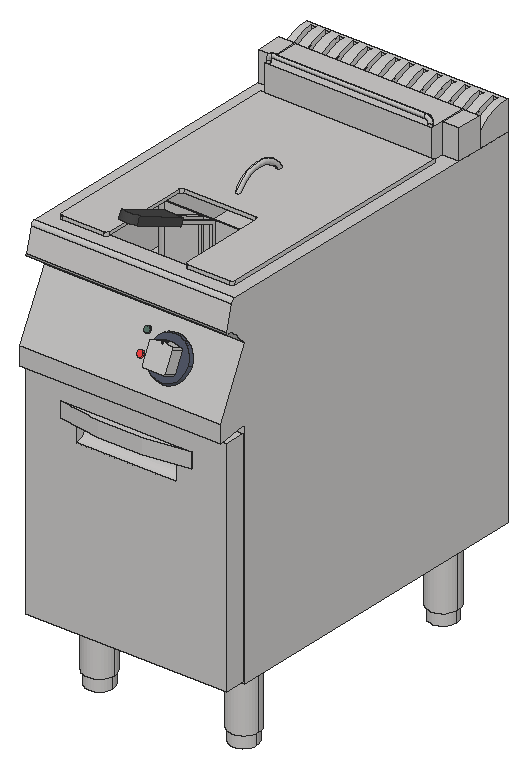
Revit family "QF_ZANUSSI_372084_Z7FRED1FF0", category Specialty Equipment, Revit 2018
Family settings
  Round Connector Dimension = Use Diameter
  Part Type = Normal
  Work Plane-Based = No
  Always vertical = Yes
  Cut with Voids When Loaded = No
  Shared = No
  Room Calculation Point = No
Parameters
  Width = 400 mm  # constant formula
  Weight in Pounds = 77  # constant formula
  Weight = 0.00 kg
  Watts = 8700 W  # constant formula
  Volts = 400 V  # constant formula
  URL Manufacturer = "http://www.zanussiprofessional.com"
  URL Cutsheet = "www.electrolux.com/foodservice"
  URL = "http://www.zanussiprofessional.com"
  Type Mark [instance] = ""
  Steam Supply Size = 0"
  Steam Supply Minimum Pressure = 0.00 psi
  Steam Supply Maximum Pressure = 0.00 psi
  Steam Pounds per Hour = 0
  Status [instance] = ""
  Specification by User [instance] = ""
  Specification by Manufacturer = ""
  Show Logo [instance] = yes
  Show Clearance [instance] = yes
  Serial Number = ""
  Seismic Rating = ""
  SMACNA No = ""
  Revision Code [instance] = ""
  Refrigeration Suction Line Size = 0"
  Refrigeration Liquid Line Size = 0"
  Refrigerant Compressor Remote = yes
  Phase = 3  # constant formula
  Omniclass Number and Title = ""
  Number of Poles [instance] = 1
  NAFEM Spec ID Number = ""
  Model = "Z7FRED1FF0"
  Min Ckt Ampacity = 0 A
  Max Overcurrent Protection = 0 A
  Masterspec = ""
  Manufacturer = "Zanussi"
  Length Actual = 400 mm  # constant formula
  Item Number [instance] = "372084"
  Installed By [instance] = ""
  Identify Quantity as Lot [instance] = yes
  Hot Water Size = 0"
  Height Actual = 850 mm  # constant formula
  Height = 333 mm  # constant formula
  HP = "11.7 HP"
  Gas Size = 0"
  Gas KW = 0
  Gas Input = 0.0 Btu/h
  Furnished By [instance] = ""
  Foodservice Equipment Identifier [instance] = yes
  FL Amps = if(Phase = 3, Watts / (Volts * 1.73), Watts / Volts)  # 12.5723 A
  Electrical Remarks [instance] = "400 V/3N ph/50/60 Hz"  # constant formula
  Electric Connection Type [instance] = ""
  Elec Conn RI Height [instance] = 0 mm
  Elec Conn Connection Height [instance] = 0 mm
  Direct Waste Size = 0"
  Description = "14 LITRE ELECTRIC FRYER 400 MM"
  Depth Actual = 700 mm  # constant formula
  Depth = 715 mm  # constant formula
  Cycle = if([60 Hertz Option], 60 Hz, 50 Hz)  # 60 Hz
  Conn Plug = ""
  Conn Conduit = yes
  Condensate Return Size = 0"
  Compressed Air Volume = 0 GPM
  Compressed Air Size = 0"
  Compressed Air Pressure = 0.00 psi
  Cold Water Size = 0"
  CSI MasterFormat = ""
  CSI Master Format = ""
  Base Height [instance] = 150 mm  # constant formula
  Apparent Power = if(Phase = 3, Volts * FL Amps * 1.73, Volts * FL Amps)  # 8700 VA
  Accessory = yes
  60 Hertz Option = not([50 Hertz Option])  # yes
  50 Hertz Option = no
Reference planes
  plane 1 "BACK": y = 0
  plane 2: z = 0
  plane 3 "LEFT": x = 0
  plane 4 "RIGHT": x = 400
  plane 5 "FRONT": y = -715
  plane 6 "TOP": z = 908
  plane 7 "Center Y": x = 200
  plane 8 "Center X": y = -357.5
  plane 9 "BASE": z = 600
  plane 10 "TOP A": z = 850
  plane 11: y = -587.387
  plane 12: y = -90
  plane 13: z = 150
  plane 14: z = 922.238
Forms (mm)
  Extrusion 1, solid, material "QF_Finishes_Stainless Steel"
    sketch origin (0, 0, 0) x (0, 1, 0) y (0, 0, 1)
      loop
        line (0, 850) -> (-679.358, 850)
        arc (-679.358, 850) -> (-684.643, 847.811) -> (-686.833, 842.526) r 7.474
        line (-686.833, 842.526) -> (-699.884, 797.011)
        arc (-699.884, 797.011) -> (-699.396, 794.379) -> (-697, 793.184) r 3
        line (-697, 793.184) -> (-686.802, 793.184) -> (-654.982, 760.364) -> (-715, 639.508) -> (-715, 604.508) -> (-658.645, 612.428)
        arc (-658.645, 612.428) -> (-656.101, 611.674) -> (-655, 609.259) r 3.2
        line (-655, 609.259) -> (-655, 150) -> (0, 150) -> (0, 850)
      loop
        line (-700, 599) -> (-700, 155) -> (-660, 155) -> (-660, 599) -> (-700, 599)
    from 0 to 400
  Extrusion 2, solid, material "QF_Finishes_Stainless Steel"
    sketch origin (0, 0, 0) x (0, 1, 0) y (0, 0, 1)
      loop
        line (0, 850) -> (0, 908)
        arc (0, 908) -> (-38.715, 899.821) -> (-69.85, 875.4) r 87.358
        line (-69.85, 875.4) -> (-69.85, 850) -> (0, 850)
    from 0 to 400
  Extrusion 3, void
    sketch origin (0, 0, 850) x (-1, 0, 0) y (0, -1, 0)
      loop
        line (-33.338, 90.124) -> (-33.338, 645.265) -> (-366.662, 645.265) -> (-366.662, 90.124) -> (-33.338, 90.124)
    from 0 to -152.4
  Extrusion 4, solid, material "QF_Finishes_Stainless Steel"
    sketch origin (0, 0, 850) x (-1, 0, 0) y (0, -1, 0)
      loop
        arc (-26.988, 645.265) -> (-28.847, 649.755) -> (-33.338, 651.615) r 6.35
        line (-33.338, 651.615) -> (-115.863, 651.615)
        arc (-115.863, 651.615) -> (-120.353, 649.755) -> (-122.213, 645.265) r 6.35
        line (-122.213, 645.265) -> (-122.213, 473.512)
        arc (-122.213, 473.512) -> (-124.072, 469.021) -> (-128.563, 467.162) r 6.35
        line (-128.563, 467.162) -> (-271.437, 467.162)
        arc (-271.437, 467.162) -> (-275.928, 469.021) -> (-277.787, 473.512) r 6.35
        line (-277.787, 473.512) -> (-277.787, 645.29)
        arc (-277.787, 645.29) -> (-279.64, 649.762) -> (-284.113, 651.615) r 6.325
        line (-284.113, 651.615) -> (-366.663, 651.615)
        arc (-366.663, 651.615) -> (-371.153, 649.755) -> (-373.013, 645.265) r 6.35
        line (-373.013, 645.265) -> (-373.013, 147.762) -> (-26.988, 147.762) -> (-26.988, 645.265)
    from 0 to 6.35
  Sweep 5, solid, material "QF_Finishes_Stainless Steel"
    path origin (200, 0, 0) x (0, 1, 0) y (0, 0, 1)
      loop
        arc (-315.761, 850) -> (-370.2, 883.779) -> (-424.639, 850) r 60.757
    profile origin (200, -370.2, 883.779) x (0, 0, -1) y (1, 0, 0)
      loop
        circle (0, 0) r 4.353
  Sweep 6, solid, material "QF_Finishes_Stainless Steel"
    path origin (0, 0, 0) x (1, 0, 0) y (0, 0, 1)
      loop
        line (39.688, 908.738) -> (39.688, 914.35)
        arc (39.688, 914.35) -> (41.547, 918.84) -> (46.038, 920.7) r 6.35
        line (46.038, 920.7) -> (352.225, 920.7)
        arc (352.225, 920.7) -> (356.715, 918.84) -> (358.575, 914.35) r 6.35
        line (358.575, 914.35) -> (358.575, 908.738)
    profile origin (39.688, 0, 911.544) x (-1, 0, 0) y (0, -1, 0)
      loop
        circle (2.09, 142.004) r 3.827
  Extrusion 7, void
    sketch origin (0, 0, 850) x (-1, 0, 0) y (0, -1, 0)
      loop
        line (-13.453, 6.761) -> (-13.453, 63.911) -> (-22.749, 63.911) -> (-22.749, 6.761) -> (-13.453, 6.761)
    from 25.4 to 63.5
  Extrusion 8, void
    sketch origin (400.05, 0, 850) x (1, 0, 0) y (0, 1, 0)
      loop
        line (-13.503, -6.761) -> (-22.799, -6.761) -> (-22.799, -63.911) -> (-13.503, -63.911) -> (-13.503, -6.761)
    from 25.4 to 63.5
  Extrusion 9, void
    sketch origin (27.988, 0, 850) x (-1, 0, 0) y (0, -1, 0)
      loop
        line (-13.453, 6.761) -> (-13.453, 63.911) -> (-22.749, 63.911) -> (-22.749, 6.761) -> (-13.453, 6.761)
    from 25.4 to 63.5
  Extrusion 10, void
    sketch origin (55.977, 0, 850) x (-1, 0, 0) y (0, -1, 0)
      loop
        line (-13.453, 6.761) -> (-13.453, 63.911) -> (-22.749, 63.911) -> (-22.749, 6.761) -> (-13.453, 6.761)
    from 25.4 to 63.5
  Extrusion 11, void
    sketch origin (83.965, 0, 850) x (-1, 0, 0) y (0, -1, 0)
      loop
        line (-13.428, 6.761) -> (-13.428, 63.911) -> (-22.724, 63.911) -> (-22.724, 6.761) -> (-13.428, 6.761)
    from 25.4 to 63.5
  Extrusion 12, void
    sketch origin (111.953, 0, 850) x (-1, 0, 0) y (0, -1, 0)
      loop
        line (-13.428, 6.761) -> (-13.428, 63.911) -> (-22.724, 63.911) -> (-22.724, 6.761) -> (-13.428, 6.761)
    from 25.4 to 63.5
  Extrusion 13, void
    sketch origin (139.942, 0, 850) x (-1, 0, 0) y (0, -1, 0)
      loop
        line (-13.428, 6.761) -> (-13.428, 63.911) -> (-22.724, 63.911) -> (-22.724, 6.761) -> (-13.428, 6.761)
    from 25.4 to 63.5
  Extrusion 14, void
    sketch origin (167.93, 0, 850) x (-1, 0, 0) y (0, -1, 0)
      loop
        line (-13.428, 6.761) -> (-13.428, 63.911) -> (-22.724, 63.911) -> (-22.724, 6.761) -> (-13.428, 6.761)
    from 25.4 to 63.5
  Extrusion 15, void
    sketch origin (195.918, 0, 850) x (-1, 0, 0) y (0, -1, 0)
      loop
        line (-13.428, 6.761) -> (-13.428, 63.911) -> (-22.724, 63.911) -> (-22.724, 6.761) -> (-13.428, 6.761)
    from 25.4 to 63.5
  Extrusion 16, void
    sketch origin (223.907, 0, 850) x (-1, 0, 0) y (0, -1, 0)
      loop
        line (-13.428, 6.761) -> (-13.428, 63.911) -> (-22.724, 63.911) -> (-22.724, 6.761) -> (-13.428, 6.761)
    from 25.4 to 63.5
  Extrusion 17, void
    sketch origin (251.895, 0, 850) x (-1, 0, 0) y (0, -1, 0)
      loop
        line (-13.428, 6.761) -> (-13.428, 63.911) -> (-22.724, 63.911) -> (-22.724, 6.761) -> (-13.428, 6.761)
    from 25.4 to 63.5
  Extrusion 18, void
    sketch origin (279.884, 0, 850) x (-1, 0, 0) y (0, -1, 0)
      loop
        line (-13.403, 6.761) -> (-13.403, 63.911) -> (-22.699, 63.911) -> (-22.699, 6.761) -> (-13.403, 6.761)
    from 25.4 to 63.5
  Extrusion 19, void
    sketch origin (307.872, 0, 850) x (-1, 0, 0) y (0, -1, 0)
      loop
        line (-13.403, 6.761) -> (-13.403, 63.911) -> (-22.699, 63.911) -> (-22.699, 6.761) -> (-13.403, 6.761)
    from 25.4 to 63.5
  Extrusion 20, void
    sketch origin (335.86, 0, 850) x (-1, 0, 0) y (0, -1, 0)
      loop
        line (-13.403, 6.761) -> (-13.403, 63.911) -> (-22.699, 63.911) -> (-22.699, 6.761) -> (-13.403, 6.761)
    from 25.4 to 63.5
  Extrusion 21, solid, material "QF_Finishes_Clearance", visible <- "Show Clearance", detail levels coarse
    sketch origin (0, 0, 0) x (1, 0, 0) y (0, 1, 0)
      loop
        line (0, -716.377) -> (0, 0) -> (400, 0) -> (400, -716.377) -> (550.019, -716.377) -> (550.019, 150.019) -> (-150.019, 150.019) -> (-150.019, -716.377) -> (0, -716.377)
    from 0 to 908
  Extrusion 22, solid, material "QF_Finishes_Black"
    sketch origin (265.962, -698.333, 942.26) x (0, 0.906308, -0.422618) y (-1, 0, 0)
      loop
        line (10.103, 47.345) -> (128.716, 47.345) -> (128.716, 84.58) -> (10.103, 84.58)
        arc (10.103, 84.58) -> (-0.124, 65.962) -> (10.103, 47.345) r 22.059
    from -15.884 to 0
  Extrusion 23, solid, material "QF_Finishes_Stainless Steel"
    sketch origin (265.962, 41.275, 0) x (0, 1, 0) y (0, 0, 1)
      loop
        line (-537.413, 741) -> (-537.413, 842.478) -> (-624.966, 883.305) -> (-627.65, 877.55) -> (-543.763, 838.433) -> (-543.763, 741) -> (-537.413, 741)
    from -80.476 to -74.619
  Extrusion 24, solid, material "QF_Finishes_Stainless Steel"
    sketch origin (134.088, 41.275, 0) x (0, 1, 0) y (0, 0, -1)
      loop
        line (-543.763, -838.433) -> (-627.65, -877.55) -> (-624.966, -883.305) -> (-537.413, -842.478) -> (-537.413, -741) -> (-543.763, -741) -> (-543.763, -838.433)
    from -80.476 to -74.619
  Extrusion 25, solid, material "QF_Finishes_Mesh"
    sketch origin (0, 0, 850) x (-1, 0, 0) y (0, -1, 0)
      loop
        arc (-116.6, 131.498) -> (-98.64, 138.937) -> (-91.2, 156.898) r 25.4
        line (-91.2, 156.898) -> (-91.2, 473.61)
        arc (-91.2, 473.61) -> (-98.64, 491.571) -> (-116.6, 499.01) r 25.4
        line (-116.6, 499.01) -> (-294.375, 499.01)
        arc (-294.375, 499.01) -> (-312.336, 491.571) -> (-319.775, 473.61) r 25.4
        line (-319.775, 473.61) -> (-319.775, 156.898)
        arc (-319.775, 156.898) -> (-312.336, 138.937) -> (-294.375, 131.498) r 25.4
        line (-294.375, 131.498) -> (-116.6, 131.498)
      loop
        arc (-116.6, 134.673) -> (-100.885, 141.182) -> (-94.375, 156.898) r 22.225
        line (-94.375, 156.898) -> (-94.375, 473.61)
        arc (-94.375, 473.61) -> (-100.885, 489.326) -> (-116.6, 495.835) r 22.225
        line (-116.6, 495.835) -> (-294.375, 495.835)
        arc (-294.375, 495.835) -> (-310.091, 489.326) -> (-316.6, 473.61) r 22.225
        line (-316.6, 473.61) -> (-316.6, 156.898)
        arc (-316.6, 156.898) -> (-310.091, 141.182) -> (-294.375, 134.673) r 22.225
        line (-294.375, 134.673) -> (-116.6, 134.673)
    from -109 to -5.315
  Revolve 26, solid, material "QF_Finishes_Stainless Steel"
    sketch origin (0, -587.387, 608.09) x (0, 0, 1) y (-1, 0, 0)
      loop
        line (-608.09, -56) -> (-458.09, -56) -> (-458.09, -26) -> (-583.09, -26) -> (-583.09, -29.75) -> (-608.09, -29.75) -> (-608.09, -56)
      axis (-608.09, -56) -> (-458.09, -56)
    angle from 0 to 360
  Revolve 27, solid, material "QF_Finishes_Stainless Steel"
    sketch origin (400.05, -587.387, 608.09) x (0, 0, 1) y (-1, 0, 0)
      loop
        line (-608.09, 56.05) -> (-608.09, 29.8) -> (-583.09, 29.8) -> (-583.09, 26.05) -> (-458.09, 26.05) -> (-458.09, 56.05) -> (-608.09, 56.05)
      axis (-608.09, 56.05) -> (-458.09, 56.05)
    angle from 0 to 360
  Revolve 28, solid, material "QF_Finishes_Stainless Steel"
    sketch origin (0, -90, 608.09) x (0, 0, 1) y (-1, 0, 0)
      loop
        line (-608.09, -56) -> (-458.09, -56) -> (-458.09, -26) -> (-583.09, -26) -> (-583.09, -29.75) -> (-608.09, -29.75) -> (-608.09, -56)
      axis (-608.09, -56) -> (-458.09, -56)
    angle from 0 to 360
  Revolve 29, solid, material "QF_Finishes_Stainless Steel"
    sketch origin (400.05, -90, 608.09) x (0, 0, 1) y (-1, 0, 0)
      loop
        line (-608.09, 56.05) -> (-608.09, 29.8) -> (-583.09, 29.8) -> (-583.09, 26.05) -> (-458.09, 26.05) -> (-458.09, 56.05) -> (-608.09, 56.05)
      axis (-608.09, 56.05) -> (-458.09, 56.05)
    angle from 0 to 360
  Extrusion 30, solid, material "QF_Finishes_Stainless Steel"
    sketch origin (-77.88, -4572, 600) x (-1, 0, 0) y (0, -1, 0)
      loop
        circle (-425.88, -4067) r 12.7
    from 0 to -12.7
  Extrusion 31, solid, material "QF_Finishes_Stainless Steel"
    sketch origin (-77.88, -4572, 850) x (-1, 0, 0) y (0, -1, 0)
      loop
        line (-77.88, -4502.15) -> (-77.88, -4451.35) -> (-109.63, -4451.35) -> (-109.63, -4502.15) -> (-77.88, -4502.15)
      loop
        line (-477.88, -4502.15) -> (-446.13, -4502.15) -> (-446.13, -4451.35) -> (-477.88, -4451.35) -> (-477.88, -4502.15)
    from 0 to 58.738
  Extrusion 32, solid, material "QF_Finishes_Stainless Steel"
    sketch origin (-77.88, -4572, 850) x (-1, 0, 0) y (0, -1, 0)
      loop
        line (-111.217, -4424.238) -> (-444.542, -4424.238) -> (-444.542, -4502.15) -> (-111.217, -4502.15) -> (-111.217, -4424.238)
    from 0 to 58.738
  Extrusion 33, solid, material "QF_Finishes_Door Clearance", visible <- "Show Clearance", detail levels coarse
    sketch origin (0, 0, 850) x (-1, 0, 0) y (0, -1, 0)
      loop
        arc (0, 672.137) -> (-117.157, 954.98) -> (-400, 1072.137) r 400
        line (-400, 1072.137) -> (-400, 672.137) -> (0, 672.137)
    from -695 to -250
  Extrusion 34, solid, material "QF_Finishes_Stainless Steel"
    sketch origin (-77.88, -4572, 130) x (-1, 0, 0) y (0, -1, 0)
      loop
        arc (-147.606, -3871.085) -> (-277.88, -3857) -> (-408.153, -3871.085) r 609.497
        line (-408.153, -3871.085) -> (-408.153, -3872) -> (-147.606, -3872) -> (-147.606, -3871.085)
    from 400 to 430
  Extrusion 35, void
    sketch origin (200, -27.863, -20) x (0, 1, 0) y (0, 0, 1)
      loop
        line (-672.137, 566) -> (-672.137, 516)
        arc (-672.137, 516) -> (-656.47, 523.721) -> (-650.137, 540) r 24.091
        line (-650.137, 540) -> (-650.137, 566) -> (-672.137, 566)
    from -100 to 100
  Blend 36, solid, material "QF_Finishes_Navy Blue"
    base sketch origin (275, -684.991, 700.936) x (1, 0, 0) y (0, 0.444781, 0.895639)
      loop
        circle (0, 0) r 42.5
    top sketch origin (275, -684.991, 700.936) x (1, 0, 0) y (0, 0.444781, 0.895639)
      loop
        circle (0, 0) r 40.5
    from 0 to 5
  Extrusion 37, solid, material "QF_Finishes_Stainless Steel"
    sketch origin (275, -684.991, 700.936) x (1, 0, 0) y (0, 0.444781, 0.895639)
      loop
        arc (-21.147, 22.789) -> (-22.494, 21.685) -> (-23, 20.019) r 2.997
        line (-23, 20.019) -> (-23, -20.019)
        arc (-23, -20.019) -> (-22.122, -22.138) -> (-20.003, -23.016) r 2.997
        line (-20.003, -23.016) -> (20.003, -23.016)
        arc (20.003, -23.016) -> (22.122, -22.138) -> (23, -20.019) r 2.997
        line (23, -20.019) -> (23, 20.019)
        arc (23, 20.019) -> (22.494, 21.685) -> (21.147, 22.789) r 2.997
        arc (21.147, 22.789) -> (0, 26.984) -> (-21.147, 22.789) r 55.4
    from 10 to 34
  Extrusion 38, solid, material "QF_Finishes_Stainless Steel"
    sketch origin (275, -684.991, 700.936) x (1, 0, 0) y (0, 0.444781, 0.895639)
      loop
        line (17.5, 17.5) -> (-17.5, 17.5) -> (-17.5, -17.5) -> (17.5, -17.5) -> (17.5, 17.5)
    from 5 to 10
  Extrusion 39, solid, material "QF_Plastic-Black-Matte"
    sketch origin (195, -684.991, 700.936) x (0, 0.444781, 0.895639) y (0, 0.895639, -0.444781)
      loop
        line (26.088, -33.555) -> (23.088, -33.555) -> (23.088, -34.555) -> (26.088, -34.555)
        arc (26.088, -34.555) -> (26.795, -34.262) -> (27.088, -33.555) r 1
        line (27.088, -33.555) -> (27.088, -18.555) -> (26.088, -18.555) -> (26.088, -33.555)
    from -81 to -79
  Extrusion 40, solid, material "QF_Finishes_Red"
    sketch origin (275, -689.439, 691.98) x (1, 0, 0) y (0, 0.444781, 0.895639)
      loop
        circle (-55.001, 0) r 6
    from 0 to 1.6
  Extrusion 41, solid, material "QF_Finishes_DarkGreen"
    sketch origin (275, -671.648, 727.805) x (1, 0, 0) y (0, 0.444781, 0.895639)
      loop
        circle (-55.001, 0) r 6
    from 0 to 1.6
Cuts and joins
  Extrusion 3, Extrusion 7, Extrusion 35 cuts Extrusion 1
  joined: Extrusion 4, Sweep 5
  Extrusion 7, Extrusion 8, Extrusion 9, Extrusion 10, Extrusion 11, Extrusion 12, Extrusion 13, Extrusion 14, Extrusion 15, Extrusion 16, Extrusion 17, Extrusion 18, Extrusion 19, Extrusion 20 cuts Extrusion 2
Lines and regions (mm)
  Split face 1
    outline origin (276.664, -684.796, 712.57) x (1, 0, 0) y (0, 0.444781, 0.895639)
      loop
        circle (-34, 0) r 1.5
  Split face 2
    outline origin (273.297, -687.581, 706.962) x (1, 0, 0) y (0, 0.444781, 0.895639)
      loop
        circle (-30.633, -14.752) r 1.5
  Split face 3
    outline origin (276.214, -689.88, 702.332) x (1, 0, 0) y (0, 0.444781, 0.895639)
      loop
        circle (-21.199, -26.582) r 1.5
  Split face 4
    outline origin (282.566, -689.848, 702.397) x (1, 0, 0) y (0, 0.444781, 0.895639)
      loop
        circle (-7.566, -33.148) r 1.5
  Split face 5
    outline origin (287.419, -686.96, 708.212) x (1, 0, 0) y (0, 0.444781, 0.895639)
      loop
        circle (7.566, -33.148) r 1.5
  Split face 6
    outline origin (286.137, -682.319, 717.558) x (1, 0, 0) y (0, 0.444781, 0.895639)
      loop
        circle (21.199, -26.582) r 1.5
  Split face 7
    outline origin (276.703, -678.235, 725.783) x (1, 0, 0) y (0, 0.444781, 0.895639)
      loop
        circle (30.633, -14.752) r 1.5
  Split face 8
    outline origin (260.985, -677.235, 727.796) x (1, 0, 0) y (0, 0.444781, 0.895639)
      loop
        circle (34, 0) r 1.5
  Split face 9
    outline origin (275, -689.469, 703.16) x (1, 0, 0) y (0, 0.444781, 0.895639)
      loop
        circle (0, 34) r 1.5
  symbolic lines, style "QF-Clearances", visible <- "Show Clearance", detail levels coarse
    curve 1: line (-150.019, 150.019, 850) -> (-150.019, -716.377, 850)
    curve 2: line (550.019, 150.019, 850) -> (-150.019, 150.019, 850)
    curve 3: line (550.019, -716.377, 850) -> (550.019, 150.019, 850)
  symbolic lines
    curve 4: line (0, 0, 850) -> (400, 0, 850)
    curve 5: line (0, -715, 850) -> (0, 0, 850)
    curve 6: line (400, 0, 850) -> (400, -715, 850)
    curve 7: line (22.724, -6.761, 850) -> (22.724, -63.911, 850)
    curve 8: line (22.724, -63.911, 850) -> (13.428, -63.911, 850)
    curve 9: line (13.428, -63.911, 850) -> (13.428, -6.761, 850)
    curve 10: line (13.428, -6.761, 850) -> (22.724, -6.761, 850)
    curve 11: line (386.547, -6.761, 850) -> (386.547, -63.911, 850)
    curve 12: line (386.547, -63.911, 850) -> (377.251, -63.911, 850)
    curve 13: line (377.251, -63.911, 850) -> (377.251, -6.761, 850)
    curve 14: line (377.251, -6.761, 850) -> (386.547, -6.761, 850)
    curve 15: line (50.712, -6.761, 850) -> (50.712, -63.911, 850)
    curve 16: line (50.712, -63.911, 850) -> (41.416, -63.911, 850)
    curve 17: line (41.416, -63.911, 850) -> (41.416, -6.761, 850)
    curve 18: line (41.416, -6.761, 850) -> (50.712, -6.761, 850)
    curve 19: line (78.7, -6.761, 850) -> (78.7, -63.911, 850)
    curve 20: line (78.7, -63.911, 850) -> (69.405, -63.911, 850)
    curve 21: line (69.405, -63.911, 850) -> (69.405, -6.761, 850)
    curve 22: line (69.405, -6.761, 850) -> (78.7, -6.761, 850)
    curve 23: line (106.689, -6.761, 850) -> (106.689, -63.911, 850)
    curve 24: line (106.689, -63.911, 850) -> (97.393, -63.911, 850)
    curve 25: line (97.393, -63.911, 850) -> (97.393, -6.761, 850)
    curve 26: line (97.393, -6.761, 850) -> (106.689, -6.761, 850)
    curve 27: line (134.677, -6.761, 850) -> (134.677, -63.911, 850)
    curve 28: line (134.677, -63.911, 850) -> (125.381, -63.911, 850)
    curve 29: line (125.381, -63.911, 850) -> (125.381, -6.761, 850)
    curve 30: line (125.381, -6.761, 850) -> (134.677, -6.761, 850)
    curve 31: line (162.665, -6.761, 850) -> (162.665, -63.911, 850)
    curve 32: line (162.665, -63.911, 850) -> (153.37, -63.911, 850)
    curve 33: line (153.37, -63.911, 850) -> (153.37, -6.761, 850)
    curve 34: line (153.37, -6.761, 850) -> (162.665, -6.761, 850)
    curve 35: line (190.654, -6.761, 850) -> (190.654, -63.911, 850)
    curve 36: line (190.654, -63.911, 850) -> (181.358, -63.911, 850)
    curve 37: line (181.358, -63.911, 850) -> (181.358, -6.761, 850)
    curve 38: line (181.358, -6.761, 850) -> (190.654, -6.761, 850)
    curve 39: line (218.642, -6.761, 850) -> (218.642, -63.911, 850)
    curve 40: line (218.642, -63.911, 850) -> (209.346, -63.911, 850)
    curve 41: line (209.346, -63.911, 850) -> (209.346, -6.761, 850)
    curve 42: line (209.346, -6.761, 850) -> (218.642, -6.761, 850)
    curve 43: line (246.605, -6.761, 850) -> (246.605, -63.911, 850)
    curve 44: line (246.605, -63.911, 850) -> (237.31, -63.911, 850)
    curve 45: line (237.31, -63.911, 850) -> (237.31, -6.761, 850)
    curve 46: line (237.31, -6.761, 850) -> (246.605, -6.761, 850)
    curve 47: line (274.594, -6.761, 850) -> (274.594, -63.911, 850)
    curve 48: line (274.594, -63.911, 850) -> (265.298, -63.911, 850)
    curve 49: line (265.298, -63.911, 850) -> (265.298, -6.761, 850)
    curve 50: line (265.298, -6.761, 850) -> (274.594, -6.761, 850)
    curve 51: line (302.582, -6.761, 850) -> (302.582, -63.911, 850)
    curve 52: line (302.582, -63.911, 850) -> (293.286, -63.911, 850)
    curve 53: line (293.286, -63.911, 850) -> (293.286, -6.761, 850)
    curve 54: line (293.286, -6.761, 850) -> (302.582, -6.761, 850)
    curve 55: line (330.57, -6.761, 850) -> (330.57, -63.911, 850)
    curve 56: line (330.57, -63.911, 850) -> (321.275, -63.911, 850)
    curve 57: line (321.275, -63.911, 850) -> (321.275, -6.761, 850)
    curve 58: line (321.275, -6.761, 850) -> (330.57, -6.761, 850)
    curve 59: line (358.559, -6.761, 850) -> (358.559, -63.911, 850)
    curve 60: line (358.559, -63.911, 850) -> (349.263, -63.911, 850)
    curve 61: line (349.263, -63.911, 850) -> (349.263, -6.761, 850)
    curve 62: line (349.263, -6.761, 850) -> (358.559, -6.761, 850)
    curve 63: line (26.988, -147.762, 850) -> (26.988, -645.265, 850)
    curve 64: arc (26.988, -645.265, 850) -> (28.847, -649.755, 850) -> (33.338, -651.615, 850) r 6.35
    curve 65: line (33.338, -651.615, 850) -> (115.863, -651.615, 850)
    curve 66: arc (115.863, -651.615, 850) -> (120.353, -649.755, 850) -> (122.213, -645.265, 850) r 6.35
    curve 67: line (122.213, -645.265, 850) -> (122.213, -473.512, 850)
    curve 68: arc (122.213, -473.512, 850) -> (124.072, -469.021, 850) -> (128.563, -467.162, 850) r 6.35
    curve 69: line (128.563, -467.162, 850) -> (271.413, -467.162, 850)
    curve 70: arc (271.413, -467.162, 850) -> (275.903, -469.021, 850) -> (277.763, -473.512, 850) r 6.35
    curve 71: line (277.763, -473.512, 850) -> (277.763, -645.265, 850)
    curve 72: arc (277.763, -645.265, 850) -> (279.622, -649.755, 850) -> (284.113, -651.615, 850) r 6.35
    curve 73: line (284.113, -651.615, 850) -> (366.663, -651.615, 850)
    curve 74: arc (366.663, -651.615, 850) -> (371.153, -649.755, 850) -> (373.013, -645.265, 850) r 6.35
    curve 75: line (373.013, -645.265, 850) -> (373.013, -147.762, 850)
    curve 76: line (373.013, -147.762, 850) -> (26.988, -147.762, 850)
    curve 77: line (31.725, -69.85, 850) -> (0, -69.85, 850)
    curve 78: line (0, -69.85, 850) -> (0, -63.012, 850)
    curve 79: line (0, -69.85, 850) -> (400, -69.85, 850)
    curve 80: line (218.617, -695.889, 850) -> (218.617, -581.677, 850)
    curve 81: line (181.383, -581.677, 850) -> (181.383, -695.889, 850)
    curve 82: line (218.617, -581.677, 850) -> (181.383, -581.677, 850)
    curve 83: spline (218.617, -695.889, 850) -> (216.385, -698.551, 850) -> (213.694, -700.839, 850) -> (210.621, -702.688, 850) -> (207.25, -704.047, 850) -> (203.676, -704.878, 850) -> (200, -705.158, 850) -> (196.324, -704.878, 850) -> (192.75, -704.047, 850) -> (189.379, -702.688, 850) -> (186.306, -700.839, 850) -> (183.615, -698.551, 850) -> (181.383, -695.889, 850)
    curve 84: line (218.617, -645.265, 850) -> (277.763, -645.265, 850)
    curve 85: line (181.383, -645.265, 850) -> (122.213, -645.265, 850)
    curve 86: line (191.318, -499.01, 850) -> (191.318, -581.677, 850)
    curve 87: line (185.462, -581.677, 850) -> (185.462, -499.01, 850)
    curve 88: line (214.538, -499.01, 850) -> (214.538, -581.677, 850)
    curve 89: line (208.682, -581.677, 850) -> (208.682, -499.01, 850)
    curve 90: spline (181.383, -689.176, 850) -> (183.615, -691.839, 850) -> (186.306, -694.126, 850) -> (189.379, -695.976, 850) -> (192.75, -697.335, 850) -> (196.324, -698.166, 850) -> (200, -698.445, 850) -> (203.676, -698.166, 850) -> (207.25, -697.335, 850) -> (210.621, -695.976, 850) -> (213.694, -694.126, 850) -> (216.385, -691.839, 850) -> (218.617, -689.176, 850)
    curve 91: line (195.545, -420.932, 850) -> (195.545, -319.469, 850)
    curve 92: line (204.443, -319.469, 850) -> (204.443, -420.932, 850)
    curve 93: arc (195.545, -420.932, 850) -> (199.994, -425.382, 850) -> (204.443, -420.932, 850) r 4.449
    curve 94: arc (195.545, -319.469, 850) -> (199.994, -315.02, 850) -> (204.443, -319.469, 850) r 4.449
    curve 95: line (37.573, -138.039, 850) -> (362.402, -138.039, 850)
    curve 96: line (37.573, -145.694, 850) -> (37.573, -138.039, 850)
    curve 97: line (362.402, -145.694, 850) -> (37.573, -145.694, 850)
    curve 98: line (362.402, -138.039, 850) -> (362.402, -145.694, 850)
    curve 99: line (122.213, -499.01, 850) -> (277.763, -499.01, 850)
    curve 100: line (122.213, -495.835, 850) -> (277.763, -495.835, 850)
    curve 103: line (0, -120.65, 850) -> (31.725, -120.65, 850)
    curve 104: line (31.725, -120.65, 850) -> (31.725, -69.85, 850)
    curve 105: line (33.313, -69.85, 850) -> (33.313, -147.762, 850)
    curve 106: line (366.663, -147.762, 850) -> (366.663, -69.85, 850)
    curve 107: line (368.25, -69.85, 850) -> (368.25, -120.65, 850)
    curve 108: line (368.25, -120.65, 850) -> (400, -120.65, 850)
    curve 109: line (0, -700, 0) -> (185.24, -700, 0)
    curve 110: line (252, -700, 0) -> (252, -724.347, 0)
    curve 111: arc (252, -724.347, 0) -> (252.146, -724.811, 0) -> (252.532, -725.107, 0) r 0.809
    curve 112: arc (252.532, -725.107, 0) -> (253.72, -725.587, 0) -> (254.997, -725.68, 0) r 4.127
    curve 113: arc (252, -704.292, 0) -> (246.959, -702.458, 0) -> (242.191, -700, 0) r 42.24
    curve 114: arc (252, -706.539, 0) -> (252.502, -705.818, 0) -> (253.299, -705.448, 0) r 1.682
    curve 115: arc (253.299, -705.448, 0) -> (263.602, -703.95, 0) -> (274, -703.441, 0) r 109.079
    curve 116: line (274, -700, 0) -> (274, -705.671, 0)
    curve 117: line (274, -705.671, 0) -> (276, -705.671, 0)
    curve 118: line (276, -705.671, 0) -> (276, -700, 0)
    curve 119: line (298, -700, 0) -> (298, -724.347, 0)
    curve 120: arc (298, -724.347, 0) -> (297.854, -724.811, 0) -> (297.468, -725.107, 0) r 0.809
    curve 121: arc (297.468, -725.107, 0) -> (296.28, -725.587, 0) -> (295.003, -725.68, 0) r 4.127
    curve 122: arc (298, -704.292, 0) -> (303.041, -702.458, 0) -> (307.809, -700, 0) r 42.24
    curve 123: arc (298, -706.539, 0) -> (297.498, -705.818, 0) -> (296.701, -705.448, 0) r 1.682
    curve 124: arc (296.701, -705.448, 0) -> (286.398, -703.95, 0) -> (276, -703.441, 0) r 109.079
    curve 125: line (254.997, -725.68, 0) -> (295.003, -725.68, 0)
    curve 126: line (298, -715, 0) -> (400.05, -715, 0)
    curve 127: line (0, -715, 0) -> (252, -715, 0)
    curve 128: line (214.756, -700, 0) -> (400.05, -700, 0)
  symbolic lines, style "QF-Door Swings"
    curve 101: arc (2.303, -715, 850) -> (19.743, -796.254, 850) -> (53.597, -872.15, 850) r 400
    curve 102: line (53.597, -872.15, 850) -> (325.76, -715, 850)
Dimensions and locks
  equal spacing: plane 3 "LEFT", plane 7 "Center Y", plane 4 "RIGHT"
  "Width": plane 3 "LEFT" to plane 4 "RIGHT"
  equal spacing: plane 5 "FRONT", plane 8 "Center X", plane 1 "BACK"
  "Depth": plane 5 "FRONT" to plane 1 "BACK"
  plane 1 "BACK" to plane 5 "FRONT" = 715 mm
  plane 10 "TOP A" to plane 9 "BASE" = 250 mm
  plane 6 "TOP" to plane 10 "TOP A" = 58 mm
  "Base Height": plane 13 to level
  plane 10 "TOP A" to plane 13 = 700 mm
  plane 14 to plane 10 "TOP A" = 72.237 mm
  aligned and locked: level to plane 2
  aligned and locked: plane 4 "RIGHT" to Extrusion 1
  aligned and locked: plane 4 "RIGHT" to Extrusion 2
  aligned and locked: plane 6 "TOP" to Extrusion 21
  aligned and locked: plane 10 "TOP A" to Extrusion 2 sketch curve
Automatic sketch dimensions
  Extrusion 2 sketch curve to plane 1 "BACK" = 0 mm
  Extrusion 2 sketch curve to plane 6 "TOP" = 0 mm
  plane 1 "BACK" to Extrusion 2 sketch curve = 1.769 mm
  plane 10 "TOP A" to Extrusion 2 sketch curve = 25.4 mm
  plane 1 "BACK" to Extrusion 2 sketch curve = 69.85 mm
  plane 12 to Extrusion 3 sketch curve = 0.124 mm
  Extrusion 3 sketch curve to plane 4 "RIGHT" = 33.337 mm
  plane 3 "LEFT" to Extrusion 3 sketch curve = 33.338 mm
  plane 11 to Extrusion 3 sketch curve = 57.877 mm
  plane 12 to Extrusion 4 sketch curve = 57.762 mm
  Extrusion 4 sketch curve to plane 4 "RIGHT" = 26.987 mm
  Extrusion 4 sketch curve to Extrusion 4 sketch curve = 6.35 mm  (x3)
  Extrusion 4 sketch curve to Extrusion 4 sketch curve = 82.55 mm
  plane 7 "Center Y" to Extrusion 4 sketch curve = 77.787 mm
  Extrusion 4 sketch curve to plane 7 "Center Y" = 71.437 mm
  Extrusion 4 sketch curve to plane 7 "Center Y" = 77.787 mm
  plane 3 "LEFT" to Extrusion 4 sketch curve = 33.338 mm
  plane 3 "LEFT" to Extrusion 4 sketch curve = 26.988 mm
  Extrusion 4 sketch curve to plane 8 "Center X" = 109.662 mm
  plane 11 to Extrusion 4 sketch curve = 57.877 mm  (x2)
  Sweep 5 sketch curve to plane 10 "TOP A" = 0 mm  (x2)
  Sweep 5 sketch curve to plane 8 "Center X" = 67.139 mm
  Sweep 5 sketch curve to plane 8 "Center X" = 12.7 mm
  Sweep 5 sketch curve to plane 10 "TOP A" = 26.978 mm
  Sweep 5 sketch curve to plane 7 "Center Y" = 0 mm
  Sweep 5 sketch curve to profile plane = 0 mm
  plane 6 "TOP" to Sweep 6 sketch curve = 6.35 mm  (x2)
  plane 3 "LEFT" to Sweep 6 sketch curve = 39.688 mm
  Sweep 6 sketch curve to Sweep 6 sketch curve = 6.35 mm
  Sweep 6 sketch curve to plane 4 "RIGHT" = 47.775 mm
  plane 10 "TOP A" to Sweep 6 sketch curve = 58.738 mm  (x2)
  Sweep 6 sketch curve to profile plane = 2.09 mm
  plane 1 "BACK" to Sweep 6 sketch curve = 142.004 mm
  plane 1 "BACK" to Extrusion 7 sketch curve = 6.761 mm
  plane 3 "LEFT" to Extrusion 7 sketch curve = 22.749 mm
  Extrusion 7 sketch curve to Extrusion 7 sketch curve = 9.296 mm
  Extrusion 7 sketch curve to Extrusion 7 sketch curve = 57.15 mm
  Extrusion 8 sketch curve to plane 1 "BACK" = 6.761 mm
  plane 4 "RIGHT" to Extrusion 8 sketch curve = 22.749 mm
  Extrusion 8 sketch curve to Extrusion 8 sketch curve = 9.296 mm
  Extrusion 8 sketch curve to Extrusion 8 sketch curve = 57.15 mm
  plane 1 "BACK" to Extrusion 9 sketch curve = 6.761 mm
  plane 3 "LEFT" to Extrusion 9 sketch curve = 50.737 mm
  Extrusion 9 sketch curve to Extrusion 9 sketch curve = 9.296 mm
  Extrusion 9 sketch curve to Extrusion 9 sketch curve = 57.15 mm
  plane 1 "BACK" to Extrusion 10 sketch curve = 6.761 mm
  plane 3 "LEFT" to Extrusion 10 sketch curve = 78.725 mm
  Extrusion 10 sketch curve to Extrusion 10 sketch curve = 9.296 mm
  Extrusion 10 sketch curve to Extrusion 10 sketch curve = 57.15 mm
  plane 1 "BACK" to Extrusion 11 sketch curve = 6.761 mm
  Extrusion 11 sketch curve to plane 7 "Center Y" = 93.311 mm
  Extrusion 11 sketch curve to Extrusion 11 sketch curve = 9.296 mm
  Extrusion 11 sketch curve to Extrusion 11 sketch curve = 57.15 mm
  plane 1 "BACK" to Extrusion 12 sketch curve = 6.761 mm
  Extrusion 12 sketch curve to plane 7 "Center Y" = 65.323 mm
  Extrusion 12 sketch curve to Extrusion 12 sketch curve = 9.296 mm
  Extrusion 12 sketch curve to Extrusion 12 sketch curve = 57.15 mm
  plane 1 "BACK" to Extrusion 13 sketch curve = 6.761 mm
  Extrusion 13 sketch curve to plane 7 "Center Y" = 37.335 mm
  Extrusion 13 sketch curve to Extrusion 13 sketch curve = 9.296 mm
  Extrusion 13 sketch curve to Extrusion 13 sketch curve = 57.15 mm
  Extrusion 14 sketch curve to plane 7 "Center Y" = 9.346 mm
  Extrusion 14 sketch curve to Extrusion 14 sketch curve = 9.296 mm
  plane 1 "BACK" to Extrusion 14 sketch curve = 6.761 mm
  Extrusion 14 sketch curve to Extrusion 14 sketch curve = 57.15 mm
  plane 1 "BACK" to Extrusion 15 sketch curve = 6.761 mm
  plane 7 "Center Y" to Extrusion 15 sketch curve = 18.642 mm
  Extrusion 15 sketch curve to Extrusion 15 sketch curve = 9.296 mm
  Extrusion 15 sketch curve to Extrusion 15 sketch curve = 57.15 mm
  plane 1 "BACK" to Extrusion 16 sketch curve = 6.761 mm
  plane 7 "Center Y" to Extrusion 16 sketch curve = 46.63 mm
  Extrusion 16 sketch curve to Extrusion 16 sketch curve = 9.296 mm
  Extrusion 16 sketch curve to Extrusion 16 sketch curve = 57.15 mm
  plane 1 "BACK" to Extrusion 17 sketch curve = 6.761 mm
  plane 7 "Center Y" to Extrusion 17 sketch curve = 74.619 mm
  Extrusion 17 sketch curve to Extrusion 17 sketch curve = 9.296 mm
  Extrusion 17 sketch curve to Extrusion 17 sketch curve = 57.15 mm
  plane 1 "BACK" to Extrusion 18 sketch curve = 6.761 mm
  Extrusion 18 sketch curve to plane 4 "RIGHT" = 97.418 mm
  Extrusion 18 sketch curve to Extrusion 18 sketch curve = 9.296 mm
  Extrusion 18 sketch curve to Extrusion 18 sketch curve = 57.15 mm
  plane 1 "BACK" to Extrusion 19 sketch curve = 6.761 mm
  Extrusion 19 sketch curve to plane 4 "RIGHT" = 69.43 mm
  Extrusion 19 sketch curve to Extrusion 19 sketch curve = 9.296 mm
  Extrusion 19 sketch curve to Extrusion 19 sketch curve = 57.15 mm
  plane 1 "BACK" to Extrusion 20 sketch curve = 6.761 mm
  Extrusion 20 sketch curve to plane 4 "RIGHT" = 41.441 mm
  Extrusion 20 sketch curve to Extrusion 20 sketch curve = 9.296 mm
  Extrusion 20 sketch curve to Extrusion 20 sketch curve = 57.15 mm
  plane 1 "BACK" to Extrusion 21 sketch curve = 0 mm
  Extrusion 21 sketch curve to plane 3 "LEFT" = 0 mm
  Extrusion 21 sketch curve to plane 4 "RIGHT" = 0 mm
  Extrusion 21 sketch curve to plane 3 "LEFT" = 150.019 mm
  plane 5 "FRONT" to Extrusion 21 sketch curve = 1.377 mm  (x2)
  plane 4 "RIGHT" to Extrusion 21 sketch curve = 150.019 mm
  Extrusion 21 sketch curve to plane 1 "BACK" = 150.019 mm
  Extrusion 22 sketch curve to plane 7 "Center Y" = 0 mm
  plane 7 "Center Y" to Extrusion 22 sketch curve = 18.617 mm
  Extrusion 22 sketch curve to plane 7 "Center Y" = 18.617 mm
  Extrusion 22 sketch curve to Extrusion 22 sketch curve = 11.832 mm
  Extrusion 22 sketch curve to Extrusion 22 sketch curve = 106.78 mm
  Extrusion 23 sketch curve to plane 11 = 1.013 mm
  Extrusion 23 sketch curve to plane 11 = 3.696 mm
  Extrusion 23 sketch curve to plane 10 "TOP A" = 11.567 mm
  Extrusion 23 sketch curve to plane 11 = 84.899 mm
  Extrusion 23 sketch curve to plane 10 "TOP A" = 7.522 mm
  Extrusion 23 sketch curve to Extrusion 23 sketch curve = 6.35 mm
  Extrusion 23 sketch curve to Extrusion 23 sketch curve = 97.432 mm
  Extrusion 24 sketch curve to plane 11 = 1.013 mm
  Extrusion 24 sketch curve to plane 11 = 3.696 mm
  Extrusion 24 sketch curve to plane 10 "TOP A" = 11.567 mm
  Extrusion 24 sketch curve to plane 11 = 84.899 mm
  Extrusion 24 sketch curve to Extrusion 24 sketch curve = 6.35 mm
  Extrusion 24 sketch curve to plane 10 "TOP A" = 7.522 mm
  Extrusion 24 sketch curve to Extrusion 24 sketch curve = 97.432 mm
  Extrusion 25 sketch curve to Extrusion 25 sketch curve = 0 mm  (x8)
  Extrusion 25 sketch curve to plane 4 "RIGHT" = 80.225 mm
  Extrusion 25 sketch curve to Extrusion 25 sketch curve = 3.175 mm
  Extrusion 25 sketch curve to Extrusion 25 sketch curve = 22.225 mm  (x3)
  plane 12 to Extrusion 25 sketch curve = 44.673 mm
  Extrusion 25 sketch curve to plane 7 "Center Y" = 83.4 mm  (x2)
  Extrusion 25 sketch curve to plane 8 "Center X" = 116.11 mm
  Revolve 26 sketch curve to level = 0 mm
  Revolve 26 sketch curve to plane 13 = 0 mm  (x2)
  level to Revolve 26 sketch curve = 25 mm
  Revolve 26 sketch curve to Revolve 26 sketch curve = 20 mm
  plane 3 "LEFT" to Revolve 26 sketch curve = 56 mm
  Revolve 26 sketch curve to Revolve 26 sketch curve = 0 mm
  plane 3 "LEFT" to Revolve 26 sketch curve = 29.75 mm
  plane 3 "LEFT" to Revolve 26 sketch curve = 26 mm
  Revolve 27 sketch curve to level = 0 mm
  Revolve 27 sketch curve to plane 13 = 0 mm  (x2)
  level to Revolve 27 sketch curve = 25 mm
  Revolve 27 sketch curve to Revolve 27 sketch curve = 20 mm
  Revolve 27 sketch curve to plane 4 "RIGHT" = 26 mm
  Revolve 27 sketch curve to Revolve 27 sketch curve = 3.75 mm
  Revolve 27 sketch curve to Revolve 27 sketch curve = 30 mm
  Revolve 27 sketch curve to Revolve 27 sketch curve = 0 mm
  Revolve 28 sketch curve to level = 0 mm
  Revolve 28 sketch curve to plane 13 = 0 mm  (x2)
  level to Revolve 28 sketch curve = 25 mm
  Revolve 28 sketch curve to Revolve 28 sketch curve = 20 mm
  plane 3 "LEFT" to Revolve 28 sketch curve = 56 mm
  Revolve 28 sketch curve to Revolve 28 sketch curve = 0 mm
  plane 3 "LEFT" to Revolve 28 sketch curve = 29.75 mm
  plane 3 "LEFT" to Revolve 28 sketch curve = 26 mm
  Revolve 29 sketch curve to level = 0 mm
  Revolve 29 sketch curve to plane 13 = 0 mm  (x2)
  level to Revolve 29 sketch curve = 25 mm
  Revolve 29 sketch curve to Revolve 29 sketch curve = 20 mm
  Revolve 29 sketch curve to plane 4 "RIGHT" = 26 mm
  Revolve 29 sketch curve to Revolve 29 sketch curve = 3.75 mm
  Revolve 29 sketch curve to Revolve 29 sketch curve = 30 mm
  Revolve 29 sketch curve to Revolve 29 sketch curve = 0 mm
  Extrusion 30 sketch curve to plane 4 "RIGHT" = 52 mm
  Extrusion 30 sketch curve to plane 11 = 82.388 mm
  Extrusion 31 sketch curve to plane 4 "RIGHT" = 0 mm
  Extrusion 31 sketch curve to plane 3 "LEFT" = 0 mm
  Extrusion 31 sketch curve to Extrusion 31 sketch curve = 31.75 mm  (x2)
  Extrusion 31 sketch curve to plane 12 = 20.15 mm  (x2)
  plane 12 to Extrusion 31 sketch curve = 30.65 mm  (x2)
  Extrusion 32 sketch curve to plane 4 "RIGHT" = 33.338 mm
  plane 3 "LEFT" to Extrusion 32 sketch curve = 33.338 mm
  plane 12 to Extrusion 32 sketch curve = 57.762 mm
  Extrusion 32 sketch curve to plane 12 = 20.15 mm
  plane 11 to Extrusion 1 sketch curve = 127.612 mm
  plane 11 to Extrusion 1 sketch curve = 112.613 mm
  Extrusion 1 sketch curve to plane 14 = 125.227 mm
  plane 11 to Extrusion 1 sketch curve = 112.496 mm
  Extrusion 1 sketch curve to Extrusion 1 sketch curve = 2.884 mm
  Extrusion 1 sketch curve to Extrusion 1 sketch curve = 13.051 mm
  Extrusion 1 sketch curve to plane 14 = 129.054 mm
  Extrusion 1 sketch curve to Extrusion 1 sketch curve = 10.198 mm
  Extrusion 1 sketch curve to Extrusion 1 sketch curve = 7.474 mm
  Extrusion 1 sketch curve to Extrusion 1 sketch curve = 40 mm
  Extrusion 1 sketch curve to Extrusion 1 sketch curve = 1.355 mm
  Extrusion 1 sketch curve to Extrusion 1 sketch curve = 0.445 mm
  Extrusion 1 sketch curve to Extrusion 1 sketch curve = 5 mm  (x2)
  Extrusion 1 sketch curve to plane 6 "TOP" = 147.636 mm
  Extrusion 1 sketch curve to Extrusion 1 sketch curve = 31.82 mm
  Extrusion 1 sketch curve to plane 1 "BACK" = 0 mm
  Extrusion 1 sketch curve to plane 10 "TOP A" = 210.492 mm
  Extrusion 1 sketch curve to Extrusion 1 sketch curve = 27.08 mm
  Extrusion 1 sketch curve to Extrusion 1 sketch curve = 35 mm
  Extrusion 1 sketch curve to Extrusion 1 sketch curve = 10.259 mm
  plane 13 to Extrusion 1 sketch curve = 5 mm
  Extrusion 1 sketch curve to Extrusion 1 sketch curve = 46.342 mm
  Extrusion 33 sketch curve to plane 4 "RIGHT" = 0 mm
  Extrusion 33 sketch curve to plane 3 "LEFT" = 0 mm
  Extrusion 33 sketch curve to plane 5 "FRONT" = 42.863 mm
  Extrusion 34 sketch curve to plane 7 "Center Y" = 0 mm
  Extrusion 34 sketch curve to plane 5 "FRONT" = 15 mm
  Extrusion 34 sketch curve to plane 4 "RIGHT" = 69.727 mm
  plane 3 "LEFT" to Extrusion 34 sketch curve = 69.727 mm
  plane 12 to Extrusion 34 sketch curve = 15.503 mm
  Extrusion 34 sketch curve to Extrusion 34 sketch curve = 0.915 mm
  Extrusion 35 sketch curve to plane 5 "FRONT" = 12.909 mm
  Extrusion 35 sketch curve to plane 5 "FRONT" = 15 mm
  Extrusion 35 sketch curve to Extrusion 35 sketch curve = 22 mm
  Extrusion 35 sketch curve to plane 9 "BASE" = 104 mm
  Extrusion 35 sketch curve to Extrusion 35 sketch curve = 26 mm
  plane 3 "LEFT" to Blend 36 sketch curve = 275 mm  (x2)
  plane 3 "LEFT" to Extrusion 37 sketch curve = 252 mm
  Extrusion 37 sketch curve to Extrusion 37 sketch curve = 2.997 mm  (x3)
  Extrusion 37 sketch curve to Extrusion 37 sketch curve = 20.003 mm  (x2)
  Extrusion 37 sketch curve to Extrusion 37 sketch curve = 40.005 mm
  Extrusion 37 sketch curve to Extrusion 37 sketch curve = 5.399 mm
  Extrusion 37 sketch curve to Extrusion 37 sketch curve = 40.037 mm
  Extrusion 37 sketch curve to Extrusion 37 sketch curve = 0 mm  (x2)
  plane 3 "LEFT" to Extrusion 38 sketch curve = 257.5 mm
  Extrusion 38 sketch curve to Extrusion 38 sketch curve = 35 mm  (x2)
  Extrusion 39 sketch curve to plane 5 "FRONT" = 9.329 mm
  Extrusion 39 sketch curve to plane 10 "TOP A" = 113.016 mm
  Extrusion 39 sketch curve to Extrusion 39 sketch curve = 3 mm
  Extrusion 39 sketch curve to Extrusion 39 sketch curve = 0 mm
  Extrusion 39 sketch curve to Extrusion 39 sketch curve = 1 mm  (x2)
  Extrusion 39 sketch curve to Extrusion 39 sketch curve = 15 mm
  plane 3 "LEFT" to Extrusion 40 sketch curve = 219.999 mm
  plane 3 "LEFT" to Extrusion 41 sketch curve = 219.999 mm
  curve 108 to plane 4 "RIGHT" = 0 mm
  curve 101 to plane 4 "RIGHT" = 0 mm
  plane 5 "FRONT" to curve 102 = 0 mm
  curve 90 to plane 7 "Center Y" = 0 mm
  curve 83 to plane 7 "Center Y" = 0 mm
  plane 5 "FRONT" to curve 101 = 0 mm
  curve 78 to plane 3 "LEFT" = 0 mm
  curve 79 to plane 3 "LEFT" = 0 mm
  plane 1 "BACK" to curve 5 = 0 mm
  plane 5 "FRONT" to curve 6 = 0 mm
  plane 5 "FRONT" to curve 5 = 0 mm
  plane 4 "RIGHT" to curve 3 = 150.019 mm
  curve 12 to plane 4 "RIGHT" = 13.453 mm
  curve 11 to curve 14 = 9.296 mm
  curve 75 to plane 4 "RIGHT" = 26.987 mm
  curve 75 to curve 108 = 4.763 mm
  curve 74 to curve 74 = 6.35 mm
  curve 75 to curve 98 = 10.61 mm
  curve 107 to curve 59 = 9.691 mm
  curve 59 to curve 62 = 9.296 mm
  plane 1 "BACK" to curve 58 = 6.761 mm
  curve 61 to curve 58 = 18.693 mm
  curve 55 to curve 57 = 9.296 mm
  plane 1 "BACK" to curve 51 = 6.761 mm
  curve 57 to curve 51 = 18.693 mm
  curve 51 to curve 53 = 9.296 mm
  curve 73 to curve 73 = 82.55 mm
  curve 72 to curve 84 = 6.35 mm
  curve 52 to curve 48 = 18.693 mm
  curve 71 to curve 69 = 6.35 mm
  curve 47 to curve 49 = 9.296 mm
  plane 1 "BACK" to curve 46 = 6.761 mm
  curve 49 to curve 46 = 18.693 mm
  curve 43 to curve 45 = 9.296 mm
  plane 1 "BACK" to curve 42 = 6.761 mm
  plane 7 "Center Y" to curve 42 = 18.642 mm
  curve 80 to plane 11 = 5.711 mm
  plane 7 "Center Y" to curve 80 = 18.617 mm
  curve 39 to curve 41 = 9.296 mm
  plane 7 "Center Y" to curve 92 = 4.443 mm
  curve 94 to plane 7 "Center Y" = 0.006 mm
  curve 35 to plane 7 "Center Y" = 9.346 mm
  curve 82 to plane 7 "Center Y" = 18.617 mm
  curve 35 to curve 38 = 9.296 mm
  plane 1 "BACK" to curve 34 = 6.761 mm
  curve 37 to curve 34 = 18.693 mm
  curve 31 to curve 33 = 9.296 mm
  plane 1 "BACK" to curve 27 = 6.761 mm
  curve 33 to curve 27 = 18.693 mm
  curve 69 to plane 7 "Center Y" = 71.437 mm
  curve 27 to curve 29 = 9.296 mm
  curve 68 to curve 67 = 6.35 mm
  curve 66 to curve 66 = 6.35 mm
  plane 1 "BACK" to curve 23 = 6.761 mm
  curve 29 to curve 23 = 18.693 mm
  curve 23 to curve 25 = 9.296 mm
  curve 24 to curve 20 = 18.693 mm
  curve 19 to curve 22 = 9.296 mm
  plane 3 "LEFT" to curve 102 = 53.597 mm
  plane 1 "BACK" to curve 15 = 6.761 mm
  curve 21 to curve 15 = 18.693 mm
  curve 15 to curve 17 = 9.296 mm
  plane 3 "LEFT" to curve 97 = 37.573 mm
  plane 3 "LEFT" to curve 64 = 33.338 mm
  curve 95 to curve 104 = 5.848 mm
  curve 64 to curve 63 = 6.35 mm
  curve 77 to curve 7 = 9.001 mm
  curve 7 to curve 9 = 9.296 mm
  curve 1 to plane 3 "LEFT" = 150.019 mm
  curve 2 to plane 1 "BACK" = 150.019 mm
  plane 1 "BACK" to curve 61 = 6.761 mm
  plane 1 "BACK" to curve 7 = 6.761 mm
  plane 1 "BACK" to curve 11 = 6.761 mm
  plane 1 "BACK" to curve 50 = 6.761 mm
  plane 1 "BACK" to curve 19 = 6.761 mm
  plane 1 "BACK" to curve 38 = 6.761 mm
  curve 32 to plane 12 = 26.089 mm
  curve 29 to plane 12 = 26.089 mm
  curve 35 to plane 12 = 26.089 mm
  curve 25 to plane 12 = 26.089 mm
  curve 39 to plane 12 = 26.089 mm
  curve 21 to plane 12 = 26.089 mm
  curve 43 to plane 12 = 26.089 mm
  curve 17 to plane 12 = 26.089 mm
  curve 47 to plane 12 = 26.089 mm
  curve 13 to plane 12 = 26.089 mm
  curve 51 to plane 12 = 26.089 mm
  curve 9 to plane 12 = 26.089 mm
  curve 55 to plane 12 = 26.089 mm
  curve 59 to curve 12 = 0 mm
  curve 7 to curve 104 = 5.939 mm
  plane 12 to curve 103 = 30.65 mm
  plane 12 to curve 107 = 30.65 mm
  curve 103 to curve 96 = 17.389 mm
  curve 95 to curve 98 = 7.655 mm
  curve 96 to curve 63 = 2.067 mm
  plane 8 "Center X" to curve 92 = 38.031 mm
  curve 93 to plane 8 "Center X" = 63.432 mm
  curve 91 to curve 69 = 46.229 mm
  plane 11 to curve 84 = 57.877 mm
  plane 11 to curve 63 = 57.877 mm
  curve 74 to curve 101 = 26.873 mm
  curve 81 to plane 5 "FRONT" = 19.111 mm
  plane 5 "FRONT" to curve 102 = 157.15 mm
  curve 106 to curve 97 = 4.26 mm
  curve 102 to plane 4 "RIGHT" = 74.24 mm
  curve 90 to curve 90 = 3.442 mm
  curve 83 to curve 90 = 3.442 mm
  curve 80 to curve 88 = 4.079 mm
  curve 88 to curve 89 = 5.857 mm
  curve 86 to plane 7 "Center Y" = 8.682 mm
  curve 87 to curve 81 = 4.079 mm
  curve 105 to curve 77 = 1.588 mm
  curve 78 to curve 77 = 6.837 mm
  curve 12 to curve 107 = 5.939 mm
  curve 70 to curve 100 = 22.324 mm
  curve 100 to curve 99 = 3.175 mm
  curve 90 to curve 83 = 17.436 mm
  curve 90 to curve 83 = 6.713 mm  (x2)
  plane 5 "FRONT" to curve 3 = 1.377 mm
  plane 5 "FRONT" to curve 1 = 1.377 mm
  curve 109 to plane 3 "LEFT" = 0 mm
  curve 127 to plane 3 "LEFT" = 0 mm
  plane 5 "FRONT" to curve 127 = 0 mm
  plane 5 "FRONT" to curve 126 = 0 mm
  plane 5 "FRONT" to curve 110 = 9.347 mm
  plane 7 "Center Y" to curve 110 = 52 mm
  curve 111 to curve 111 = 0.809 mm
  curve 114 to curve 114 = 1.583 mm
  curve 111 to curve 112 = 1.846 mm
  curve 111 to curve 125 = 2.189 mm
  curve 110 to curve 113 = 11.892 mm
  curve 116 to plane 5 "FRONT" = 9.329 mm
  curve 114 to curve 116 = 20.417 mm
  plane 7 "Center Y" to curve 115 = 74.131 mm
  curve 115 to curve 124 = 1.738 mm
  curve 116 to curve 117 = 2 mm
  curve 113 to curve 122 = 22.215 mm
  curve 117 to curve 125 = 19.003 mm
  curve 125 to curve 121 = 0.343 mm
  curve 121 to curve 123 = 1.071 mm
  curve 121 to curve 120 = 2.189 mm
  curve 120 to curve 119 = 0.809 mm
  curve 125 to curve 111 = 1.333 mm
  curve 124 to curve 125 = 86.839 mm
  curve 115 to curve 124 = 0 mm
  curve 121 to curve 120 = 1.333 mm
  curve 120 to curve 121 = 2.779 mm
  curve 111 to curve 112 = 2.779 mm
  curve 114 to plane 5 "FRONT" = 7.894 mm
  curve 123 to plane 5 "FRONT" = 7.894 mm
  curve 116 to curve 113 = 41.91 mm
  curve 113 to curve 122 = 0 mm
  curve 109 to plane 7 "Center Y" = 14.76 mm
  plane 7 "Center Y" to curve 128 = 14.756 mm
  curve 113 to curve 110 = 9.809 mm
  curve 114 to curve 114 = 0.284 mm
  curve 123 to curve 124 = 0.284 mm
  curve 119 to curve 122 = 9.809 mm
  plane 4 "RIGHT" to curve 128 = 0.05 mm
  plane 4 "RIGHT" to curve 126 = 0.05 mm
  curve 114 to curve 114 = 0.567 mm
  curve 123 to curve 123 = 0.567 mm
  curve 124 to curve 122 = 1.156 mm
  curve 109 to plane 5 "FRONT" = 15 mm
  radius of Sweep 5 sketch curve = 4.353 mm
  radius of Sweep 6 sketch curve = 3.827 mm
  radius of Extrusion 30 sketch curve = 12.7 mm
  radius of Blend 36 sketch curve = 42.5 mm
  radius of Blend 36 sketch curve = 40.5 mm
  radius of Split face 1 sketch curve = 1.5 mm
  radius of Split face 2 sketch curve = 1.5 mm
  radius of Split face 3 sketch curve = 1.5 mm
  radius of Split face 4 sketch curve = 1.5 mm
  radius of Split face 5 sketch curve = 1.5 mm
  radius of Split face 6 sketch curve = 1.5 mm
  radius of Split face 7 sketch curve = 1.5 mm
  radius of Split face 8 sketch curve = 1.5 mm
  radius of Split face 9 sketch curve = 1.5 mm
  radius of Extrusion 40 sketch curve = 6 mm
  radius of Extrusion 41 sketch curve = 6 mm
Connectors
  electrical at (348, -505, 587.3), driven by "Volts", driven by "Watts"
    settings: on Extrusion 30, index 1, voltage 400 V, apparent load 8700 VA, apparent load phase1 0 VA, apparent load phase2 0 VA, apparent load phase3 0 VA, power factor 1, load classification "Other", number of poles 1, system type 30, power factor state 1, is connector primary yes, connector utility no, sub classification motor no, connector description "Electrical Connection"
